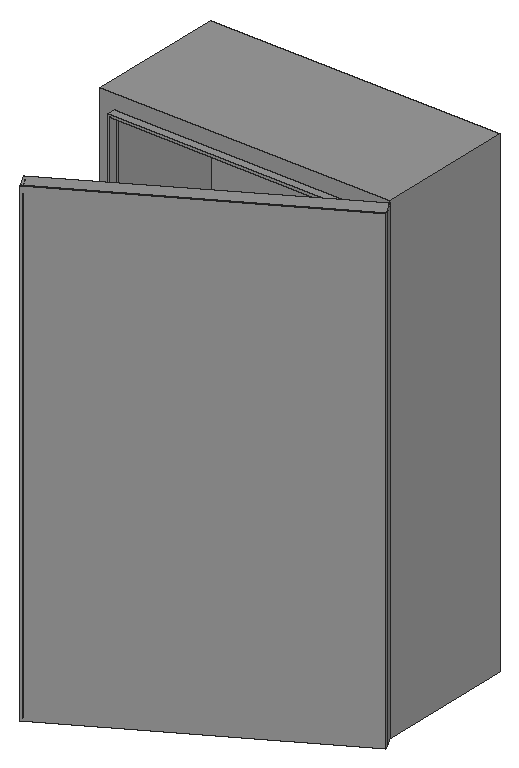
Revit family "Hager-Univers-IP44-D161-Cl.II-FWB-encl--NoHosted-NL-en", category Equipement électrique, Revit 2020
Family settings
  Configuration du panneau = Deux colonnes, circuits au sein
  Cote de connecteur circulaire = Utiliser le diamètre
  Type d'élément = Tableau de raccordement
  Basée sur le plan de construction = Oui
  Toujours verticalement = Oui
  Couper avec des vides une fois chargée = Non
  Partagée = Non
  Point de calcul de pièce = Non
Parameters (values of type "Surface mounted (plaster) IP44 W300 H500 D161  - FWQ31P")
  Width Control [instance] = if([EF000008 - Width] > Min Width, [EF000008 - Width], Min Width)  # 300 mm
  Commentaires du type = [HG000003 - Range]  # "Univers"
  Thickness Door [instance] = if([EF009171 - Material plate thickness door/cover] > 3 mm, 3 mm, [EF009171 - Material plate thickness door/cover])  # 2 mm
  Seal Frame Offset [instance] = 17 mm  # constant formula
  Plinth Visibility [instance] = [HG000027 - Plinth height] > 0 mm  # no
  Min Width [instance] = 100 mm  # constant formula
  Min Depth [instance] = (2 * [EF009170 - Material plate thickness cabinet]) + 1 mm  # 5 mm
  Min Height [instance] = 100 mm  # constant formula
  Internal Frame Depth [instance] = (Door System Depth * 0.5)  # 9 mm
  Panel Name [instance] = ""  # (empty or 0)
  Model = ""
  HG000027 - Plinth height = 0 mm
  HG000026 - Floor standing = no
  HG000024 - Bottom section height = 600 mm
  HG000023 - Double section enclosure = no
  HG000016 - Door 3d visibility [instance] = yes
  HG000015 - Clearance visibility [instance] = no
  HG000014 - Door on the right [instance] = yes
  HG000013 - Door on the left [instance] = not([HG000014 - Door on the right])  # no
  HG000012 - Door swing angle [instance] = 30.00°
  HG000010 - Asymmetric doors = no
  HG000009 - Double swing door = no
  HG000006 - Flush mounted = no
  HG000004 - Manufacturer reference = "FWQ31P"
  HG000003 - Range = "Univers"
  HG000002 - With door or cover = yes
  Frame Offset Bottom [instance] = 10 mm  # constant formula
  Frame Offset [instance] = 15 mm  # constant formula
  EF015940 - Cover with overpressure release = no
  EF011959 - Degree of protection (NEMA) = ""
  EF009554 - Number of openings for flange plates = 2
  EF009212 - Cover model = "EV009916 - With notch"
  EF009171 - Material plate thickness door/cover = 2 mm
  EF009170 - Material plate thickness cabinet = 2 mm
  EF008873 - Nominal current (In) = 125 A
  EF007800 - Suitable for lightning protection = no
  EF006306 - With lock = no
  EF006244 - Transparent cover/door = no
  EF005474 - Degree of protection (IP) = "EV006418 - IP44"
  EF004464 - Type of door = "EV002646 - Single"
  EF004427 - Number of modules = 36
  EF004293 - Impact strength = "EV006815 - IK09"
  EF003532 - Suitable for outdoor use = no
  EF002950 - Width in number of modular spacings = 12
  EF001613 - Circuit integrity = "EV000494 - None"
  EF001596 - Material housing = "EV000179 - Steel"
  EF001131 - Internal depth = 161 mm
  EF001088 - Extension possible = yes
  EF000437 - Number of conduit inlets = 4
  EF000339 - Type of cover = "EV001012 - Cover"
  EF000266 - Number of rows = 1
  EF000218 - Built-in depth = 0 mm
  EF000118 - With mounting plate = yes
  EF000116 - RAL-number = "9010"
  EF000049 - Depth = 161 mm
  EF000040 - Height = 500 mm
  EF000008 - Width = 300 mm
  EF000007 - Colour = "EV000202 - White"
  EF000003 - Mounting method = "EV000384 - Surface mounted (plaster)"
  Door System Leaf Tolerance [instance] = 1.5 mm  # constant formula
  Door System Depth [instance] = 18 mm  # constant formula
  Door Height [instance] = Height Control - [HG000027 - Plinth height]  # 500 mm
  Description = ""
  Default Elevation = 1219.2 mm
  Connector Offset [instance] = Height Control / 2  # 250 mm
  Fabricant = "Hager"  # constant formula
  Height Control [instance] = if([EF000040 - Height] > Min Height, [EF000040 - Height], Min Height)  # 500 mm
  Depth Control [instance] = if([EF000049 - Depth] > Min Depth, [EF000049 - Depth], Min Depth)  # 161 mm
  Bottom Top Plate Trim [instance] = 1.5 mm  # constant formula
  Plinth height Ctrl [instance] = if([HG000027 - Plinth height] > 0 mm, [HG000027 - Plinth height], 12 mm)  # 12 mm
Reference planes
  plane 1 "Center (Front/Back)": y = 0
  plane 2: z = 0
  plane 3 "Center (Left/Right)": x = 0
  plane 4: y = 0
  plane 5: y = 0
  plane 6: z = 0
  plane 7: x = -150
  plane 8: x = 150
  plane 9: x = 148
  plane 10: x = -148
  plane 11: z = 0
  plane 12: z = 2
  plane 13: y = -161
  plane 14: y = -2
  plane 15: x = 0
  plane 16: y = -143
  plane 17: y = -159
  plane 18: y = -141
  plane 19: x = -133
  plane 20: x = 133
  plane 21: z = 12
  plane 22: x = -133
  plane 23: x = 133
  plane 24: z = 0
  plane 25: z = 500
  plane 26: z = 500
  plane 27: z = 483
  plane 28: z = 498
Forms (mm)
  Extrusion 1, solid, material "Hager_Steel_RAL7035_Light_Grey", detail levels medium+fine
    sketch origin (-208.679, -4572, 0) x (-1, 0, 0) y (0, -1, 0)
      loop
        line (-58.679, -4429) -> (-358.679, -4429) -> (-358.679, -4572) -> (-58.679, -4572) -> (-58.679, -4429)
    from 0 to 500
  Extrusion 2, void
    sketch origin (-350.771, -161, 1219.2) x (1, 0, 0) y (0, 0, 1)
      loop
        line (202.771, -721.2) -> (202.771, -1217.2) -> (498.771, -1217.2) -> (498.771, -721.2) -> (202.771, -721.2)
    from -20 to -159
  Extrusion 3, void
    sketch origin (-290.084, -143, 1219.2) x (1, 0, 0) y (0, 0, 1)
      loop
        line (157.084, -1207.2) -> (423.084, -1207.2) -> (423.084, -736.2) -> (157.084, -736.2) -> (157.084, -1207.2)
    from 0 to -2
  Extrusion 4, solid, material "Hager_Steel_RAL7035_Light_Grey", visible <- "Plinth Visibility", detail levels medium+fine
    sketch origin (0, 0, 0) x (1, 0, 0) y (0, 1, 0)
      loop
        line (-150, 0) -> (-150, -143) -> (150, -143) -> (150, 0) -> (-150, 0)
    from 0 to 12 <- "Plinth height Ctrl"
  Extrusion 5, solid, material "Hager_Steel_RAL7035_Light_Grey", detail levels coarse
    sketch origin (0, 0, 0) x (1, 0, 0) y (0, 1, 0)
      loop
        line (-150, 0) -> (-150, -161) -> (150, -161) -> (150, 0) -> (-150, 0)
    from 0 to 500 <- "Height Control"
  Sweep 6, void
    path in 3D
      loop
        line (-150, -143, 12) -> (150, -143, 12) -> (150, 0, 12) -> (-150, 0, 12) -> (-150, -143, 12)
    profile origin (-150, -71.5, 12) x (1, 0, 0) y (0, 0, 1)
      loop
        line (0, 0) -> (0, -1.5) -> (1.5, -1.5)
        arc (1.5, -1.5) -> (1.061, -0.439) -> (0, 0) r 1.5
  Extrusion 7, solid, material "Hager_Steel_RAL7035_Light_Grey", detail levels fine
    sketch origin (-150, -143, 0) x (1, 0, 0) y (0, 0, 1)
      loop
        line (17, 12) -> (283, 12) -> (283, 483) -> (17, 483) -> (17, 12)
      loop
        line (15, 10) -> (285, 10) -> (285, 485) -> (15, 485) -> (15, 10)
    from 0 to 9 <- "Internal Frame Depth"
Cuts and joins
  Extrusion 2, Extrusion 3 cuts Extrusion 1
  Sweep 6 cuts Extrusion 4
Lines and regions (mm)
  Masking region 1
    outline origin (0, 0, 0) x (1, 0, 0) y (0, 1, 0)
      loop
        line (-150, 0) -> (-150, -161) -> (150, -161) -> (150, 0) -> (-150, 0)
  Masking region 2, detail levels coarse
    outline origin (-290.084, -143, 1219.2) x (-1, 0, 0) y (0, 0, 1)
      loop
        line (-440.084, -1219.2) -> (-140.084, -1219.2) -> (-140.084, -719.2) -> (-440.084, -719.2) -> (-440.084, -1219.2)
  Masking region 3, detail levels coarse
    outline origin (0, 0, 0) x (0, 1, 0) y (0, 0, 1)
      loop
        line (0, 0) -> (0, 500) -> (-161, 500) -> (-161, 0) -> (0, 0)
  Masking region 4, visible <- "Plinth Visibility", detail levels medium+fine
    outline origin (0, 0, 0) x (0, 1, 0) y (0, 0, 1)
      loop
        line (-1.5, 12) -> (-141.5, 12)
        arc (-141.5, 12) -> (-141.939, 10.939) -> (-143, 10.5) r 1.5
        line (-143, 10.5) -> (-143, 0) -> (0, 0) -> (0, 10.5)
        arc (0, 10.5) -> (-1.061, 10.939) -> (-1.5, 12) r 1.5
  Masking region 5, detail levels medium+fine
    outline origin (0, 0, 594.038) x (0, 1, 0) y (0, 0, 1)
      loop
        line (0, -594.038) -> (0, -94.038) -> (-143, -94.038) -> (-143, -594.038) -> (0, -594.038)
  Masking region 6, detail levels medium+fine
    outline origin (-359.7, -143, 1211.883) x (-1, 0, 0) y (0, 0, 1)
      loop
        line (-509.7, -1211.883) -> (-209.7, -1211.883) -> (-209.7, -711.883) -> (-509.7, -711.883) -> (-509.7, -1211.883)
  Masking region 7, visible <- "Plinth Visibility", detail levels medium+fine
    outline origin (-320.334, -143, 1041.368) x (-1, 0, 0) y (0, 0, 1)
      loop
        line (-470.334, -1041.368) -> (-170.334, -1041.368) -> (-170.334, -1030.868)
        arc (-170.334, -1030.868) -> (-171.394, -1030.429) -> (-171.834, -1029.368) r 1.5
        line (-171.834, -1029.368) -> (-468.834, -1029.368)
        arc (-468.834, -1029.368) -> (-469.273, -1030.429) -> (-470.334, -1030.868) r 1.5
        line (-470.334, -1030.868) -> (-470.334, -1041.368)
  sketch lines
    curve 1: line (-150, 0, 12) -> (-150, -143, 12)
    curve 2: line (-150, -143, 12) -> (150, -143, 12)
    curve 3: line (150, 0, 12) -> (-150, 0, 12)
    curve 4: line (150, -143, 12) -> (150, 0, 12)
Dimensions and locks
  locked: plane 1 "Center (Front/Back)" to plane 5
  "EF009170 - Material plate thickness cabinet": plane 7 to plane 10
  "EF009170 - Material plate thickness cabinet": plane 8 to plane 9
  equal spacing: plane 7, plane 3 "Center (Left/Right)", plane 8
  "Width Control": plane 7 to plane 8
  "Depth Control": plane 4 to plane 13
  "EF009170 - Material plate thickness cabinet": plane 4 to plane 14
  "Height Control": plane 25 to level
  "HG000027 - Plinth height": plane 11 to level
  "EF009170 - Material plate thickness cabinet": plane 12 to plane 11
  "EF009170 - Material plate thickness cabinet": plane 17 to plane 13
  "EF009170 - Material plate thickness cabinet": plane 18 to plane 16
  "Frame Offset Bottom": plane 21 to plane 12
  "Frame Offset": plane 10 to plane 19
  "Frame Offset": plane 9 to plane 20
  "Door System Depth": plane 16 to plane 13
  "Seal Frame Offset": plane 7 to plane 22
  "Seal Frame Offset": plane 8 to plane 23
  "EF009170 - Material plate thickness cabinet": plane 26 to plane 28
  "Frame Offset": plane 28 to plane 27
  "Connector Offset": plane 2 to connector elem
  "Bottom Top Plate Trim": profile plane to Sweep 6 sketch curve
  "Bottom Top Plate Trim": Sweep 6 sketch curve to Sweep 6 sketch curve
  "Plinth height Ctrl": Masking region 4 sketch curve to level
  "Plinth height Ctrl": Masking region 7 sketch curve to level
  "Thickness Door": Extrusion 7 sketch curve to Extrusion 7 sketch curve  (x4)
  "Bottom Top Plate Trim": radius of Sweep 6 sketch curve
  "Bottom Top Plate Trim": radius of Masking region 4 sketch curve  (x2)
  "Bottom Top Plate Trim": radius of Masking region 7 sketch curve  (x2)
  aligned and locked: plane 12 to Extrusion 2 sketch curve
  aligned and locked: Extrusion 2 sketch curve to plane 9
  aligned and locked: Extrusion 2 sketch curve to plane 10
  aligned and locked: plane 14 to Extrusion 2
  aligned and locked: plane 4 to Extrusion 1 sketch curve
  aligned and locked: plane 8 to Extrusion 1 sketch curve
  aligned and locked: plane 7 to Extrusion 1 sketch curve
  aligned and locked: Extrusion 2 to plane 18
  aligned and locked: plane 19 to Extrusion 3 sketch curve
  aligned and locked: plane 20 to Extrusion 3 sketch curve
  aligned and locked: Extrusion 3 to Extrusion 2
  aligned and locked: Extrusion 3 sketch curve to plane 21
  aligned and locked: plane 3 "Center (Left/Right)" to nested 1
  aligned and locked: Extrusion 1 sketch curve to plane 16
  aligned and locked: Extrusion 4 sketch curve to cut or joined group of Extrusion 1, Extrusion 2, Extrusion 3
  aligned and locked: Masking region 1 sketch curve to plane 7
  aligned and locked: Masking region 1 sketch curve to plane 5
  aligned and locked: Masking region 1 sketch curve to plane 8
  aligned and locked: Masking region 2 sketch curve to level
  aligned and locked: level to Masking region 3 sketch curve
  aligned and locked: plane 1 "Center (Front/Back)" to Masking region 3 sketch curve
  aligned and locked: plane 13 to Masking region 3 sketch curve
  aligned and locked: plane 5 to Masking region 4 sketch curve
  aligned and locked: Masking region 2 sketch curve to plane 8
  aligned and locked: Masking region 2 sketch curve to plane 7
  aligned and locked: plane 7 to nested 2
  aligned and locked: nested 2 to plane 5
  aligned and locked: plane 5 to Masking region 5 sketch curve
  aligned and locked: plane 26 to Masking region 5 sketch curve
  aligned and locked: Extrusion 5 sketch curve to plane 8
  aligned and locked: Extrusion 5 sketch curve to plane 7
  aligned and locked: Extrusion 5 sketch curve to plane 5
  aligned and locked: plane 27 to Extrusion 3 sketch curve
  aligned and locked: Extrusion 2 sketch curve to plane 28
  aligned and locked: Masking region 2 to plane 25
  aligned and locked: Extrusion 4 to plane 16
  aligned and locked: profile plane to Sweep 6 sketch curve
  aligned and locked: Masking region 5 sketch curve to plane 24
  aligned and locked: level to Masking region 4 sketch curve
  aligned and locked: Masking region 1 to plane 13
  aligned and locked: nested 1 to plane 16
  aligned and locked: Masking region 3 to plane 25
  aligned and locked: plane 16 to Masking region 4 sketch curve
  aligned and locked: Masking region 5 sketch curve to plane 16
  aligned and locked: plane 24 to plane 11
  aligned and locked: plane 26 to plane 25
  aligned and locked: plane 26 to cut or joined group of Extrusion 1, Extrusion 2, Extrusion 3
  aligned and locked: nested 1 to plane 24
  aligned and locked: Extrusion 1 to Extrusion 3
  aligned and locked: Masking region 6 sketch curve to plane 8
  aligned and locked: plane 24 to Masking region 6 sketch curve
  aligned and locked: Masking region 6 sketch curve to plane 7
  aligned and locked: Masking region 6 sketch curve to plane 26
  aligned and locked: Masking region 7 sketch curve to plane 7
  aligned and locked: level to Masking region 7 sketch curve
  aligned and locked: Masking region 7 sketch curve to plane 8
  aligned and locked: Extrusion 7 sketch curve to cut or joined group of Extrusion 1, Extrusion 2, Extrusion 3  (x4)
Automatic sketch dimensions
  plane 19 to Extrusion 3 sketch curve = 0 mm
  Extrusion 3 sketch curve to plane 20 = 0 mm
  Extrusion 3 sketch curve to plane 21 = 0 mm
  Extrusion 4 sketch curve to plane 7 = 0 mm
  Extrusion 4 sketch curve to plane 8 = 0 mm
  Extrusion 4 sketch curve to plane 16 = 0 mm
  Masking region 1 sketch curve to plane 13 = 0 mm
  Masking region 2 sketch curve to plane 25 = 0 mm
  Masking region 3 sketch curve to plane 25 = 0 mm
  Extrusion 5 sketch curve to plane 13 = 0 mm
  profile plane to Sweep 6 sketch curve = 0 mm
Nested families
  nested 1: "EC000058_Univers_Door" at (0, -143, 0), Double <- "HG000009 - Double swing door", Transparent <- "EF006244 - Transparent cover/door", Angle <- "HG000012 - Door swing angle", Door_Right <- "HG000014 - Door on the right", Assymetrical <- "HG000010 - Asymmetric doors", Door <- "HG000002 - With door or cover", Width_Ctrl <- "Width Control", 3d_Door <- "HG000016 - Door 3d visibility", Clearance <- "HG000015 - Clearance visibility", Door_Left <- "HG000013 - Door on the left", Width <- "Width Control", Door_Depth <- "Door System Depth", Leaf_Tolerance <- "Door System Leaf Tolerance", Height <- "Door Height", Lock_Visibility <- "EF006306 - With lock", Thickness <- "Thickness Door", type "EC000058_Univers_Door", detail levels medium+fine
    with min_wh 5 mm, Width_Ctrl 300 mm, Width 300 mm, Transparent no, Thickness 2 mm, Seal_Material Hager_Rubber, Lock_Visibility no, Lock_Material Hager_Plastic_RAL9005_Jet_Black, Leaf_Width 300 mm, Leaf_Tolerance_External_Sides 0 mm, Leaf_Tolerance 1.5 mm, Leaf_Offset 0 mm, Leaf_Height 497 mm, Leaf_2_Width 300 mm, Leaf_2_Offset 150 mm, Leaf_1_Width 300 mm, Leaf_1_Offset 150 mm, Height_Ctrl 500 mm, Height 500 mm, Glass_Material Hager_Glass, Double_Clearance_Ctrl no, Double no, Door_Right_Ctrl yes, Door_Right yes, Door_Material Hager_Steel_RAL7035_Light_Grey, Door_Left_Ctrl no, Door_Left no, Door_Depth 18 mm, Door yes, Clearance_Material Hager_Clearance, Clearance_Depth 300 mm, Clearance_Ctrl no, Clearance no, Assymetrical no, Angle 30.00°, 3d_Door yes
  nested 2: "Hager_Enclosure_Symbol" at (-150, 0, 0), Height <- "Depth Control", Width <- "Width Control", type "Hager_Enclosure_Symbol"
    with Width_Ctrl 300 mm, Width 300 mm, Height_Ctrl 161 mm, Height 161 mm, A_Width_Int 10.566 mm, A_Width 126.788 mm, A_Height_Ctrl 140.875 mm, A_Height 140.875 mm
Connectors
  electrical at (0, 0, 250)
    settings: on plane 1 "Center (Front/Back)", index 1, voltage 0 V, apparent load 0 VA, apparent load phase1 0 VA, apparent load phase2 0 VA, apparent load phase3 0 VA, power factor 1, load classification "Other", number of poles 1, system type 30, power factor state 1, is connector primary yes, connector utility no, sub classification motor no, connector description ""
Definition of nested family "EC000058_Univers_Door"
  Parameters (values of type "EC000058_Univers_Door")
    min_wh [instance] = (2 * Thickness) + 1 mm  # 11 mm
    Width_Ctrl [instance] = 400 mm
    Width [instance] = 500 mm
    Transparent [instance] = yes
    Thickness [instance] = 5 mm
    Seal_Material [instance] = none
    Lock_Visibility [instance] = yes
    Lock_Material [instance] = none
    Leaf_Width [instance] = if((Width_Ctrl - 2 * Leaf_Tolerance_External_Sides) > 0 mm, (Width_Ctrl - 2 * Leaf_Tolerance_External_Sides), min_wh)  # 400 mm
    Leaf_Tolerance_External_Sides [instance] = 0 mm  # constant formula
    Leaf_Tolerance [instance] = 1.5 mm
    Leaf_Offset [instance] = 0 mm  # constant formula
    Leaf_Height [instance] = if((Height_Ctrl - 2 * Leaf_Tolerance) > 0 mm, (Height_Ctrl - 2 * Leaf_Tolerance), min_wh)  # 497 mm
    Leaf_2_Width [instance] = if(and(and(Double, Assymetrical), Door_Left), (Leaf_Width / 3) - (Leaf_Tolerance / 2), if(and(and(Double, Assymetrical), Door_Right), (Leaf_Width / 3) * 2 - (Leaf_Tolerance / 2), if(and(Double, not(Assymetrical)), (Leaf_Width / 2) - Leaf_Tolerance, Leaf_Width)))  # 400 mm
    Leaf_2_Offset [instance] = if(and(Double, Assymetrical), Leaf_2_Width / 2, if(and(Double, not(Assymetrical)), Leaf_Width / 4, Leaf_Width / 2))  # 200 mm
    Leaf_1_Width [instance] = if(and(and(Double, Assymetrical), Door_Right), (Leaf_Width / 3) - (Leaf_Tolerance / 2), if(and(and(Double, Assymetrical), Door_Left), (Width / 3) * 2 - (Leaf_Tolerance / 2), if(and(Double, not(Assymetrical)), (Leaf_Width / 2) - Leaf_Tolerance, Leaf_Width)))  # 400 mm
    Leaf_1_Offset [instance] = if(and(Double, Assymetrical), Leaf_1_Width / 2, if(and(Double, not(Assymetrical)), Leaf_Width / 4, Leaf_Width / 2))  # 200 mm
    Height_Ctrl [instance] = if(Height > min_wh, Height, min_wh)  # 500 mm
    Height [instance] = 500 mm
    Glass_Material [instance] = none
    Double_Clearance_Ctrl [instance] = and(Double, Clearance)  # no
    Double [instance] = no
    Door_Right_Ctrl [instance] = and(or(Door_Right, Double), Door)  # yes
    Door_Right [instance] = yes
    Door_Material [instance] = none
    Door_Left_Ctrl [instance] = and(or(Door_Left, Double), Door)  # no
    Door_Left [instance] = no
    Door_Depth [instance] = 30 mm
    Door [instance] = yes
    Default Elevation = 1219.2 mm
    Clearance_Material [instance] = none
    Clearance_Depth [instance] = if(Leaf_1_Width > Leaf_2_Width, Leaf_1_Width, Leaf_2_Width)  # 400 mm
    Clearance_Ctrl [instance] = and(not(Double), Clearance)  # yes
    Clearance [instance] = yes
    Assymetrical [instance] = yes
    Angle [instance] = 30.00°
    3d_Door [instance] = yes
  Reference planes
    plane 1 "Center (Front/Back)": y = 0
    plane 2 "Bottom": z = 0
    plane 3 "Center (Left/Right)": x = 0
    plane 4: z = 500
    plane 5: x = -200
    plane 6: x = 200
    plane 7: z = 500
    plane 8: x = -200
    plane 9: z = 0
    plane 10: x = 200
    plane 11: y = 0
    plane 12: z = 1.5
    plane 13: x = -600
    plane 14: y = -400
    plane 15: x = 600
    plane 16: x = 0
    plane 17: x = 0
    plane 18: x = -200
    plane 19: x = 200
    plane 20: z = 498.5
  Forms (mm)
    Extrusion 1, solid, material <- "Clearance_Material", visible <- "Double_Clearance_Ctrl"
      sketch origin (1200, 0, 0) x (1, 0, 0) y (0, 0, -1)
        loop
          line (-1800, -498.5) -> (-600, -498.5) -> (-600, 0) -> (-1800, 0) -> (-1800, -498.5)
      from 0 to -400
  Dimensions and locks
    equal spacing: plane 5, plane 3 "Center (Left/Right)", plane 6
    "Width_Ctrl": plane 5 to plane 6
    "Leaf_Offset": plane 5 to plane 8
    "Leaf_Offset": plane 6 to plane 10
    "Leaf_Offset": plane 9 to level
    "Leaf_Offset": plane 4 to plane 7
    "Height_Ctrl": plane 4 to level
    "Leaf_Tolerance": plane 12 to plane 9
    locked: plane 11 to plane 1 "Center (Front/Back)"
    "Leaf_1_Offset": plane 18 to plane 16
    "Leaf_2_Offset": plane 17 to plane 19
    "Leaf_1_Width": plane 13 to plane 8
    "Leaf_2_Width": plane 10 to plane 15
    "Clearance_Depth": plane 14 to plane 1 "Center (Front/Back)"
    "Leaf_Tolerance_External_Sides": plane 8 to plane 18
    "Leaf_Tolerance_External_Sides": plane 19 to plane 10
    "Leaf_Tolerance": plane 7 to plane 20
    aligned and locked: level to plane 2 "Bottom"
    aligned and locked: nested 1 to plane 16
    aligned and locked: nested 2 to plane 17
    aligned and locked: Extrusion 1 to plane 13
    aligned and locked: plane 15 to Extrusion 1
    aligned and locked: Extrusion 1 to plane 14
    aligned and locked: plane 12 to nested 1
    aligned and locked: nested 2 to plane 12
    aligned and locked: Extrusion 1 to plane 11
    aligned and locked: plane 20 to Extrusion 1
    aligned and locked: nested 2 to plane 11
    aligned and locked: nested 1 to plane 11
  Automatic sketch dimensions
    Extrusion 1 sketch curve to level = 0 mm
    plane 5 to Extrusion 1 sketch curve = 400 mm
    plane 6 to Extrusion 1 sketch curve = 400 mm
    Extrusion 1 sketch curve to plane 4 = 1.5 mm
  Nested families
    nested 1: "EC000058_Univers_Door_Leaf" at (0, 0, 1.5), Width <- "Leaf_1_Width", visible <- "Door_Left_Ctrl", Leaf_Height <- "Leaf_Height", Angle <- "Angle", 3d_Door <- "3d_Door", Transparent <- "Transparent", Clearance Material <- "Clearance_Material", Clearance <- "Clearance_Ctrl", Door_Material <- "Door_Material", Glass_Material <- "Glass_Material", Door_Depth <- "Door_Depth", Lock_Material <- "Lock_Material", Seal_Material <- "Seal_Material", Lock_Visibility <- "Lock_Visibility", Thickness <- "Thickness", type "EC000058_Univers_Door_Leaf"
      with Width 400 mm, Transparent_Glass_Offset 30 mm, Transparent_Ctrl yes, Transparent yes, Thickness 5 mm, Standard no, Seal_Material none, Seal_D2 8 mm, Seal_D1 1 mm, Offset_Internal_Frame 10 mm, Lock_Width 20 mm, Lock_Visibility_3d yes, Lock_Visibility yes, Lock_Thickness_3 3 mm, Lock_Thickness_2 1 mm, Lock_Thickness_1 3 mm, Lock_Radius_Offset_2 16 mm, Lock_Radius_Offset_1 15 mm, Lock_Radius_2 5 mm, Lock_Radius 6 mm, Lock_Offset 5 mm, Lock_Material none, Lock_Height 80 mm, Lock_Cover_Top_Offset_2d 17 mm, Lock_Cover_Height -65 mm, Leaf_Height 497 mm, Internal_Seal_Thickness 8 mm, Internal_Seal_Depth_2 4.5 mm, Internal_Frame_Depth 25 mm, Glass_Thickness -1 mm, Glass_Offset -2 mm, Glass_Material none, Door_Material none, Door_Depth 30 mm, Clearance Material none, Clearance yes, Angle_Ctrl 30.00°, Angle 30.00°, 3d_Door yes
    nested 2: "EC000058_Univers_Door_Leaf" at (0, 0, 1.5) x (-1, 0, 0) z (0, 0, 1), Width <- "Leaf_2_Width", visible <- "Door_Right_Ctrl", Leaf_Height <- "Leaf_Height", Angle <- "Angle", 3d_Door <- "3d_Door", Transparent <- "Transparent", Clearance Material <- "Clearance_Material", Clearance <- "Clearance_Ctrl", Door_Material <- "Door_Material", Glass_Material <- "Glass_Material", Door_Depth <- "Door_Depth", Lock_Material <- "Lock_Material", Seal_Material <- "Seal_Material", Lock_Visibility <- "Lock_Visibility", Thickness <- "Thickness", type "EC000058_Univers_Door_Leaf"
      with Width 400 mm, Transparent_Glass_Offset 30 mm, Transparent_Ctrl yes, Transparent yes, Thickness 5 mm, Standard no, Seal_Material none, Seal_D2 8 mm, Seal_D1 1 mm, Offset_Internal_Frame 10 mm, Lock_Width 20 mm, Lock_Visibility_3d yes, Lock_Visibility yes, Lock_Thickness_3 3 mm, Lock_Thickness_2 1 mm, Lock_Thickness_1 3 mm, Lock_Radius_Offset_2 16 mm, Lock_Radius_Offset_1 15 mm, Lock_Radius_2 5 mm, Lock_Radius 6 mm, Lock_Offset 5 mm, Lock_Material none, Lock_Height 80 mm, Lock_Cover_Top_Offset_2d 17 mm, Lock_Cover_Height -65 mm, Leaf_Height 497 mm, Internal_Seal_Thickness 8 mm, Internal_Seal_Depth_2 4.5 mm, Internal_Frame_Depth 25 mm, Glass_Thickness -1 mm, Glass_Offset -2 mm, Glass_Material none, Door_Material none, Door_Depth 30 mm, Clearance Material none, Clearance yes, Angle_Ctrl 30.00°, Angle 30.00°, 3d_Door yes
  Definition of nested family "EC000058_Univers_Door_Leaf"
    Parameters (values of type "EC000058_Univers_Door_Leaf")
      Width [instance] = 2000 mm
      Transparent_Glass_Offset [instance] = 30 mm
      Transparent_Ctrl [instance] = and(Transparent, [3d_Door])  # yes
      Transparent [instance] = yes
      Thickness [instance] = 5 mm
      Standard [instance] = and(not(Transparent), [3d_Door])  # no
      Seal_Material [instance] = none
      Seal_D2 [instance] = 8 mm  # constant formula
      Seal_D1 [instance] = 1 mm  # constant formula
      Offset_Internal_Frame [instance] = 10 mm  # constant formula
      Lock_Width [instance] = 20 mm  # constant formula
      Lock_Visibility_3d [instance] = and(Lock_Visibility, [3d_Door])  # yes
      Lock_Visibility [instance] = yes
      Lock_Thickness_3 [instance] = 3 mm  # constant formula
      Lock_Thickness_2 [instance] = 1 mm  # constant formula
      Lock_Thickness_1 [instance] = 3 mm  # constant formula
      Lock_Radius_Offset_2 [instance] = Lock_Radius_Offset_1 + 1 mm  # 16 mm
      Lock_Radius_Offset_1 [instance] = 15 mm  # constant formula
      Lock_Radius_2 [instance] = Lock_Radius - 1 mm  # 5 mm
      Lock_Radius [instance] = 6 mm  # constant formula
      Lock_Offset [instance] = 5 mm  # constant formula
      Lock_Material [instance] = none
      Lock_Height [instance] = 80 mm  # constant formula
      Lock_Cover_Top_Offset_2d [instance] = Lock_Radius_Offset_2 + 1 mm  # 17 mm
      Lock_Cover_Height [instance] = -(Lock_Height - Lock_Radius_Offset_1)  # -65 mm
      Leaf_Height [instance] = 2720.336 mm
      Internal_Seal_Thickness [instance] = 8 mm  # constant formula
      Internal_Seal_Depth_2 [instance] = 4.5 mm  # constant formula
      Internal_Frame_Depth [instance] = if(Door_Depth - Thickness > 5 mm, Door_Depth - Thickness, 5 mm)  # 25 mm
      Glass_Thickness [instance] = if(Thickness > 15 mm, Glass_Offset + 10 mm, -1 mm)  # -1 mm
      Glass_Offset [instance] = if(Thickness > 15 mm, -(Thickness + 10 mm) / 2, -2 mm)  # -2 mm
      Glass_Material [instance] = none
      Door_Material [instance] = none
      Door_Depth [instance] = 30 mm
      Default Elevation = 0 mm
      Clearance Material [instance] = none
      Clearance [instance] = yes
      Angle_Ctrl [instance] = if(Angle > 180.00°, 180.00°, Angle)  # 90.00°
      Angle [instance] = 90.00°
      3d_Door [instance] = yes
    Reference planes
      plane 1 "Center (Front/Back)": y = 0
      plane 2: z = 0
      plane 3 "Center (Left/Right)": x = 0
      plane 4: y = 2000
      plane 5: x = -1000
      plane 6: x = 1000
      plane 7: x = -3000
      plane 8: z = 2720.336
      plane 9: z = 30
      plane 10: z = 2690.336
      plane 11: x = 970
      plane 12: x = -970
      plane 13: y = -3
      plane 14: z = 107.833
      plane 15: y = -5
      plane 16: y = -223.314
      plane 17: x = -1000
      plane 18: z = 1360.168
      plane 19: y = 30
    Forms (mm)
      Extrusion 1, solid, material <- "Clearance Material", visible <- "Clearance"
        sketch origin (0, 0, 0) x (1, 0, 0) y (0, 0, 1)
          loop
            line (-3000, 2720.336) -> (-3000, 0) -> (1000, 0) -> (1000, 2720.336) -> (-3000, 2720.336)
        from 0 to -2000
      Extrusion 2, solid, material <- "Door_Material", visible <- "Standard", detail levels medium+fine
        sketch origin (-1000, 0, 0) x (0, 1, 0) y (-1, 0, 0)
          loop
            line (0, 30) -> (0, 25) -> (2000, 25) -> (2000, 30) -> (0, 30)
        from 0 to 2720.336 <- "Leaf_Height"
      Extrusion 3, solid, material <- "Door_Material", visible <- "Transparent_Ctrl", detail levels medium+fine
        sketch origin (-1000, 0, 0) x (0, 1, 0) y (-1, 0, 0)
          loop
            line (0, 25) -> (2000, 25) -> (2000, 30) -> (0, 30) -> (0, 25)
        from 0 to 2720.336 <- "Leaf_Height"
      Extrusion 4, void
        sketch origin (-1025, 2000, 0) x (0, 1, 0) y (0, 0, -1)
          loop
            line (-30, -2690.336) -> (-30, -30) -> (-1970, -30) -> (-1970, -2690.336) -> (-30, -2690.336)
        from 0 to 5 <- "Thickness"
      Sweep 5, solid, material <- "Seal_Material", visible <- "Transparent_Ctrl", detail levels fine
        path in 3D
          loop
            line (-1025, 30, 30) -> (-1025, 30, 2690.336) -> (-1025, 1970, 2690.336) -> (-1025, 1970, 30) -> (-1025, 30, 30)
        profile origin (-1025, 1000, 30) x (1, 0, 0) y (0, 0, 1)
          loop
            line (0, 0) -> (0, -8) -> (1, -8) -> (1, 0) -> (0, 0)
      Extrusion 6, solid, material <- "Glass_Material", visible <- "Transparent_Ctrl", detail levels medium+fine
        sketch origin (-1030, 0, 0) x (0, 1, 0) y (0, 0, -1)
          loop
            line (1970, -2690.336) -> (1970, -30) -> (30, -30) -> (30, -2690.336) -> (1970, -2690.336)
        from -2 <- "Glass_Offset" to -1 <- "Glass_Thickness"
      Extrusion 7, solid, material <- "Door_Material", visible <- "3d_Door", detail levels medium+fine
        sketch origin (-1025, 2000, 0) x (0, -1, 0) y (0, 0, -1)
          loop
            line (0, -2720.336) -> (2000, -2720.336) -> (2000, 0) -> (0, 0) -> (0, -2720.336)
          loop
            line (1995, -5) -> (5, -5) -> (5, -2715.336) -> (1995, -2715.336) -> (1995, -5)
        from 0 to 25 <- "Internal_Frame_Depth"
      Sweep 8, solid, material <- "Seal_Material", visible <- "Transparent_Ctrl", detail levels fine
        path in 3D
          loop
            line (-1025, 0, 0) -> (-1025, 2000, 0) -> (-1025, 2000, 2720.336) -> (-1025, 0, 2720.336) -> (-1025, 0, 0)
        profile origin (-1025, 0, 1360.168) x (1, 0, 0) y (0, 1, 0)
          loop
            line (0, 10) -> (2.975, 10)
            arc (2.975, 10) -> (4.053, 10.447) -> (4.5, 11.525) r 1.525
            line (4.5, 11.525) -> (4.5, 16.527)
            arc (4.5, 16.527) -> (4.069, 17.569) -> (3.027, 18) r 1.473
            line (3.027, 18) -> (0, 18) -> (0, 10)
      Extrusion 9, solid, material <- "Lock_Material", visible <- "Lock_Visibility_3d", detail levels fine
        sketch origin (-1030, 0, 0) x (0, 1, 0) y (0, 0, -1)
          loop
            arc (1993.5, -1400.168) -> (1994.561, -1399.729) -> (1995, -1398.668) r 1.5
            line (1995, -1398.668) -> (1995, -1320.168) -> (1975, -1320.168) -> (1975, -1398.668)
            arc (1975, -1398.668) -> (1975.439, -1399.729) -> (1976.5, -1400.168) r 1.5
            line (1976.5, -1400.168) -> (1993.5, -1400.168)
        from 3 <- "Lock_Thickness_1" to 0
      Blend 10, solid, material <- "Lock_Material", visible <- "Lock_Visibility_3d", detail levels fine
        base sketch origin (-1033, 0, 0) x (0, 1, 0) y (0, 0, -1)
          loop
            line (1975, -1320.168) -> (1975, -1398.668)
            arc (1975, -1398.668) -> (1975.439, -1399.729) -> (1976.5, -1400.168) r 1.5
            line (1976.5, -1400.168) -> (1993.5, -1400.168)
            arc (1993.5, -1400.168) -> (1994.561, -1399.729) -> (1995, -1398.668) r 1.5
            line (1995, -1398.668) -> (1995, -1320.168) -> (1975, -1320.168)
        top sketch origin (-1033, 0, 0) x (0, 1, 0) y (0, 0, -1)
          loop
            line (1976, -1320.168) -> (1976, -1398.668)
            arc (1976, -1398.668) -> (1976.146, -1399.022) -> (1976.5, -1399.168) r 0.5
            line (1976.5, -1399.168) -> (1993.5, -1399.168)
            arc (1993.5, -1399.168) -> (1993.854, -1399.022) -> (1994, -1398.668) r 0.5
            line (1994, -1398.668) -> (1994, -1320.168) -> (1976, -1320.168)
        from 0 to 1 <- "Lock_Thickness_2"
      Blend 11, solid, material <- "Lock_Material", visible <- "Lock_Visibility_3d", detail levels fine
        base sketch origin (-1034, 0, 0) x (0, 1, 0) y (0, 0, -1)
          loop
            line (1978, -1320.168) -> (1978, -1384.168)
            arc (1978, -1384.168) -> (1985, -1391.168) -> (1992, -1384.168) r 7
            line (1992, -1384.168) -> (1992, -1320.168) -> (1978, -1320.168)
        top sketch origin (-1034, 0, 0) x (0, 1, 0) y (0, 0, -1)
          loop
            line (1991, -1320.168) -> (1979, -1320.168) -> (1979, -1383.168)
            arc (1979, -1383.168) -> (1985, -1389.168) -> (1991, -1383.168) r 6
            line (1991, -1383.168) -> (1991, -1320.168)
        from 0 to 3 <- "Lock_Thickness_3"
      Extrusion 12, solid, material <- "Lock_Material", visible <- "Lock_Visibility_3d", detail levels fine
        sketch origin (-1030, 1975, 1320.168) x (1, 0, 0) y (0, -1, 0)
          loop
            line (-7, -19) -> (-7, -1) -> (0, -1) -> (0, 0) -> (-8, 0) -> (-8, -20) -> (0, -20) -> (0, -19) -> (-7, -19)
        from 0 to -65 <- "Lock_Cover_Height"
      Extrusion 13, void
        sketch origin (-1038, 1995, 1320.168) x (-1, 0, 0) y (0, 0, -1)
          loop
            line (-5, -65) -> (0, -65) -> (-5, -60) -> (-5, -65)
        from 0 to 20 <- "Lock_Width"
      Extrusion 14, void
        sketch origin (-1038, 1975, 1320.168) x (0, -1, 0) y (0, 0, -1)
          loop
            circle (-10, -15.995) r 6
          loop
            circle (-10, -15.995) r 5
        from 0 to 2
      Extrusion 15, solid, material <- "Lock_Material", visible <- "Lock_Visibility_3d", detail levels medium
        sketch origin (-1030, 0, 0) x (0, 1, 0) y (0, 0, -1)
          loop
            arc (1993.5, -1400.168) -> (1994.561, -1399.729) -> (1995, -1398.668) r 1.5
            line (1995, -1398.668) -> (1995, -1320.168) -> (1975, -1320.168) -> (1975, -1398.668)
            arc (1975, -1398.668) -> (1975.439, -1399.729) -> (1976.5, -1400.168) r 1.5
            line (1976.5, -1400.168) -> (1993.5, -1400.168)
        from 8 to 0
    Cuts and joins
      Extrusion 4 cuts Extrusion 3
      Extrusion 13, Extrusion 14 cuts Extrusion 9
      Extrusion 14 cuts Blend 11
      Extrusion 13, Extrusion 14 cuts Extrusion 12
      joined: Extrusion 9, Blend 10, Blend 11, Extrusion 12
      Extrusion 14 cuts Extrusion 15
    Lines and regions (mm)
      Masking region 1, visible <- "Lock_Visibility", detail levels fine
        outline origin (0, 0, 0) x (0, 1, 0) y (0, 0, 1)
          loop
            line (30, 1320.168) -> (33, 1320.168) -> (33, 1400.168) -> (30, 1400.168) -> (30, 1320.168)
      Masking region 2, visible <- "Lock_Visibility", detail levels fine
        outline origin (0, 3.143, 0) x (0, 1, 0) y (0, 0, 1)
          loop
            line (29.857, 1354.168) -> (30.857, 1354.168) -> (30.857, 1366.168) -> (29.857, 1366.168) -> (29.857, 1354.168)
      Masking region 3, detail levels medium+fine
        outline origin (0, 0, 0) x (0, 1, 0) y (0, 0, 1)
          loop
            line (0, 0) -> (30, 0) -> (30, 2720.336) -> (0, 2720.336) -> (0, 0)
      Masking region 4, detail levels medium+fine
        outline origin (0, 0, 0) x (1, 0, 0) y (0, 0, 1)
          loop
            line (-1000, 2720.336) -> (-1000, 0) -> (1000, 0) -> (1000, 2720.336) -> (-1000, 2720.336)
      Masking region 5, visible <- "Lock_Visibility", detail levels fine
        outline origin (-47.116, 0, 0) x (1, 0, 0) y (0, 0, 1)
          loop
            arc (1024.616, 1399.168) -> (1023.556, 1398.729) -> (1023.116, 1397.668) r 1.5
            line (1023.116, 1397.668) -> (1023.116, 1320.168) -> (1041.116, 1320.168) -> (1041.116, 1397.668)
            arc (1041.116, 1397.668) -> (1040.677, 1398.729) -> (1039.616, 1399.168) r 1.5
            line (1039.616, 1399.168) -> (1024.616, 1399.168)
      Masking region 6, visible <- "Lock_Visibility", detail levels medium+fine
        outline origin (-25, 0, 0) x (1, 0, 0) y (0, 0, 1)
          loop
            arc (1001.5, 1400.168) -> (1000.439, 1399.729) -> (1000, 1398.668) r 1.5
            line (1000, 1398.668) -> (1000, 1320.168) -> (1020, 1320.168) -> (1020, 1398.668)
            arc (1020, 1398.668) -> (1019.561, 1399.729) -> (1018.5, 1400.168) r 1.5
            line (1018.5, 1400.168) -> (1001.5, 1400.168)
      Masking region 7, visible <- "Lock_Visibility", detail levels fine
        outline origin (-73.735, 0, 0) x (1, 0, 0) y (0, 0, 1)
          loop
            line (1051.735, 1382.168) -> (1065.735, 1382.168) -> (1065.735, 1384.168)
            arc (1065.735, 1384.168) -> (1058.735, 1391.168) -> (1051.735, 1384.168) r 7
            line (1051.735, 1384.168) -> (1051.735, 1382.168)
      Masking region 8, visible <- "Lock_Visibility", detail levels fine
        outline origin (-73.735, 0, 0) x (1, 0, 0) y (0, 0, 1)
          loop
            line (1052.735, 1382.168) -> (1064.735, 1382.168) -> (1064.735, 1383.168)
            arc (1064.735, 1383.168) -> (1058.735, 1389.168) -> (1052.735, 1383.168) r 6
            line (1052.735, 1383.168) -> (1052.735, 1382.168)
      Masking region 9, visible <- "Lock_Visibility", detail levels fine
        outline origin (-25, 0, 0) x (1, 0, 0) y (0, 0, 1)
          loop
            line (1020, 1320.168) -> (1020, 1382.168) -> (1000, 1382.168) -> (1000, 1320.168) -> (1020, 1320.168)
      Masking region 10, detail levels medium+fine
        outline origin (0, 0, 0) x (1, 0, 0) y (0, 0, 1)
          loop
            circle (985, 1335.144) r 6
      Masking region 11, detail levels fine
        outline origin (0, 0, 0) x (1, 0, 0) y (0, 0, 1)
          loop
            circle (985, 1335.144) r 5
      Masking region 12, visible <- "Lock_Visibility", detail levels fine
        outline origin (0, 12.767, 0) x (0, 1, 0) y (0, 0, 1)
          loop
            line (20.233, 1320.168) -> (21.233, 1320.168) -> (21.233, 1399.168) -> (20.233, 1400.168) -> (20.233, 1320.168)
      Masking region 13, visible <- "Lock_Visibility", detail levels fine
        outline origin (0, 13.767, -10) x (0, 1, 0) y (0, 0, 1)
          loop
            line (20.233, 1330.168) -> (23.233, 1330.168) -> (23.233, 1399.168) -> (20.233, 1402.168) -> (20.233, 1330.168)
      Masking region 14, visible <- "Lock_Visibility", detail levels fine
        outline origin (0, 12.767, -10) x (0, 1, 0) y (0, 0, 1)
          loop
            line (20.233, 1330.168) -> (25.233, 1330.168) -> (25.233, 1399.305) -> (20.233, 1394.305) -> (20.233, 1330.168)
      Masking region 15, visible <- "Lock_Visibility", detail levels medium
        outline origin (0, 0, 0) x (0, 1, 0) y (0, 0, 1)
          loop
            line (30, 1320.168) -> (38, 1320.168) -> (38, 1400.168) -> (30, 1400.168) -> (30, 1320.168)
      Masking region 16, visible <- "Lock_Visibility", detail levels fine
        outline origin (-1000, 0, 0) x (0, 1, 0) y (-1, 0, 0)
          loop
            line (1975, 30) -> (1995, 30) -> (1995, 38) -> (1975, 38) -> (1975, 30)
          loop
            line (1979, 37) -> (1976, 37) -> (1976, 34) -> (1978, 34) -> (1979, 37)
          loop
            line (1994, 37) -> (1991, 37) -> (1992, 34) -> (1994, 34) -> (1994, 37)
      Masking region 17, visible <- "Lock_Visibility", detail levels medium
        outline origin (-1000, 0, 0) x (0, 1, 0) y (-1, 0, 0)
          loop
            line (1975, 30) -> (1995, 30) -> (1995, 38) -> (1975, 38) -> (1975, 30)
      symbolic lines
        curve 1: line (1000, 0, 0) -> (-3000, 0, 0)
        curve 2: arc (1000, 0, 0) -> (-1000, 2000, 0) -> (-3000, 0, 0) r 2000
        curve 4: line (-1030, 0, 0) -> (-1030, 2000, 0)
      reference lines
        curve 3: line (-1000, 0, 0) -> (-1000, 2000, 0)
      symbolic lines, detail levels medium+fine
        curve 5: line (-1030, 2000, 0) -> (-1025, 2000, 0)
        curve 7: line (-1025, 0, 0) -> (-1030, 0, 0)
        curve 8: line (-1025, 0, 0) -> (-1000, 0, 0)
        curve 9: line (-1000, 0, 0) -> (-1000, 2000, 0)
        curve 10: line (-1000, 2000, 0) -> (-1025, 2000, 0)
      symbolic lines, detail levels fine
        curve 6: line (-1025, 2000, 0) -> (-1025, 0, 0)
      sketch lines
        curve 11: line (-1025, 0, 2720.336) -> (-1025, 0, 0)
        curve 12: line (-1025, 2000, 0) -> (-1025, 0, 0)
        curve 13: line (-1025, 2000, 2720.336) -> (-1025, 2000, 0)
        curve 14: line (-1025, 0, 2720.336) -> (-1025, 2000, 2720.336)
        curve 15: line (-1025, 1970, 30) -> (-1025, 30, 30)
        curve 16: line (-1025, 30, 30) -> (-1025, 30, 2690.336)
        curve 17: line (-1025, 1970, 2690.336) -> (-1025, 1970, 30)
        curve 18: line (-1025, 30, 2690.336) -> (-1025, 1970, 2690.336)
      symbolic lines, visible <- "Transparent", detail levels medium+fine
        curve 19: line (-970, 0, 2690.336) -> (970, 0, 2690.336)
        curve 20: line (-970, 0, 30) -> (-970, 0, 2690.336)
        curve 21: line (970, 0, 30) -> (-970, 0, 30)
        curve 22: line (970, 0, 2690.336) -> (970, 0, 30)
    Dimensions and locks
      "Width": plane 1 "Center (Front/Back)" to plane 4
      equal spacing: plane 5, plane 3 "Center (Left/Right)", plane 6
      "Width": plane 5 to plane 6
      "Width": plane 7 to plane 5
      "Leaf_Height": plane 8 to level
      "Width": curve 5 to curve 3
      "Width": curve 3 to curve 3
      plane 8 to plane 10 = 30 mm
      plane 9 to level = 30 mm
      plane 12 to plane 5 = 30 mm
      plane 6 to plane 11 = 30 mm
      Extrusion 1 to Extrusion 4 sketch curve = 30 mm
      "Transparent_Glass_Offset": curve 3 to Extrusion 4 sketch curve
      "Transparent_Glass_Offset": Extrusion 4 sketch curve to cut or joined group of Extrusion 3, Extrusion 4  (x2)
      cut or joined group of Extrusion 3, Extrusion 4 to Extrusion 6 sketch curve = 30 mm
      "Transparent_Glass_Offset": cut or joined group of Extrusion 3, Extrusion 4 to Extrusion 4 sketch curve
      "Thickness": curve 6 to curve 4
      "Thickness": Extrusion 7 sketch curve to Extrusion 7 sketch curve  (x4)
      "Door_Depth": curve 4 to curve 3
      "Offset_Internal_Frame": profile plane to Sweep 8 sketch curve
      "Internal_Seal_Thickness": Sweep 8 sketch curve to Sweep 8 sketch curve
      "Internal_Seal_Depth_2": profile plane to Sweep 8 sketch curve
      "Seal_D1": profile plane to Sweep 5 sketch curve
      "Seal_D2": profile plane to Sweep 5 sketch curve
      "Thickness": Extrusion 2 sketch curve to Extrusion 2 sketch curve
      equal spacing: Extrusion 9 sketch curve, plane 18, Extrusion 9 sketch curve  (x2)
      equal spacing: Masking region 1 sketch curve, plane 18, Masking region 1 sketch curve
      "Lock_Height": Masking region 1 sketch curve to Masking region 1 sketch curve
      "Lock_Radius": Masking region 2 sketch curve to plane 18 to Masking region 2 sketch curve
      Masking region 2 sketch curve to Masking region 1 = 1 mm
      "Door_Depth": plane 19 to plane 1 "Center (Front/Back)"
      "Lock_Thickness_1": Masking region 1 sketch curve to plane 19
      "Lock_Width": Extrusion 9 sketch curve to Extrusion 9 sketch curve
      "Lock_Height": Extrusion 9 sketch curve to Extrusion 9 sketch curve
      "Lock_Offset": cut or joined group of Extrusion 3, Extrusion 4 to Extrusion 9 sketch curve
      equal spacing: plane 8, plane 18, level
      "Lock_Radius_Offset_1": Blend 11 sketch curve to Blend 10
      locked: Blend 10 to Blend 11 sketch curve at 2  (x2)
      locked: var sketch to Blend 11 sketch curve at 1  (x2)
      "Lock_Radius_Offset_2": Blend 11 sketch curve to Blend 10
      locked: Extrusion 12 sketch curve to Extrusion 12 sketch curve at 1  (x3)
      Masking region 6 sketch curve to Masking region 6 sketch curve = 80 mm
      "Lock_Height": Masking region 6 sketch curve to Masking region 6 sketch curve
      "Lock_Width": Masking region 6 sketch curve to Masking region 6 sketch curve
      locked: Masking region 6 to Masking region 5 sketch curve at 1  (x3)
      locked: Masking region 5 to Masking region 7 sketch curve at 2  (x2)
      "Lock_Radius_Offset_1": Masking region 5 to Masking region 7 sketch curve
      "Lock_Radius_Offset_2": Masking region 5 to Masking region 8 sketch curve
      locked: Masking region 7 to Masking region 8 sketch curve at 1  (x2)
      "Lock_Cover_Top_Offset_2d": Masking region 5 to Masking region 9 sketch curve
      equal spacing: Masking region 9, Masking region 10 sketch curve, Masking region 9
      equal spacing: Masking region 9, Masking region 11 sketch curve, Masking region 9
      Extrusion 15 sketch curve to Extrusion 15 sketch curve = 80 mm
      "Lock_Width": Extrusion 15 sketch curve to Extrusion 15 sketch curve
      "Lock_Height": Extrusion 15 sketch curve to Extrusion 15 sketch curve
      equal spacing: Extrusion 15 sketch curve, plane 18, Extrusion 15 sketch curve
      "Lock_Thickness_3": Masking region 13 sketch curve to Masking region 13 sketch curve
      "Lock_Height": Masking region 12 sketch curve to Masking region 12 sketch curve
      locked: Masking region 13 sketch curve to Masking region 1 at 8
      locked: Masking region 14 sketch curve to Masking region 13 at 1
      locked: Masking region 14 sketch curve to Masking region 1 at 10.863
      "Lock_Height": Masking region 15 sketch curve to Masking region 15 sketch curve
      "Lock_Offset": Extrusion 15 sketch curve to cut or joined group of Extrusion 3, Extrusion 4
      "Lock_Offset": plane 6 to Masking region 6 sketch curve
      radius of Sweep 8 sketch curve = 1.525 mm
      radius of Sweep 8 sketch curve = 1.473 mm
      radius of Extrusion 9 sketch curve = 1.5 mm  (x2)
      "Lock_Radius": radius of Extrusion 14 sketch curve
      "Lock_Radius_2": radius of Extrusion 14 sketch curve
      "Lock_Radius": radius of Masking region 10 sketch curve
      "Lock_Radius_2": radius of Masking region 11 sketch curve
      radius of Extrusion 15 sketch curve = 1.5 mm  (x2)
      "Angle_Ctrl": angle plane 1 "Center (Front/Back)" to curve 3
      locked: Masking region 12 sketch curve to Masking region 12 sketch curve (angle 45.00°)
      locked: Masking region 13 sketch curve to Masking region 13 sketch curve (angle 45.00°)
      locked: Masking region 14 sketch curve to Masking region 14 sketch curve (angle 45.00°)
      aligned and locked: level to plane 2
      aligned and locked: Extrusion 1 to curve 1
      aligned and locked: plane 6 to Extrusion 1
      aligned and locked: Extrusion 1 to plane 1 "Center (Front/Back)"
      aligned and locked: plane 4 to Extrusion 1
      aligned and locked: plane 8 to Extrusion 1
      aligned and locked: curve 7 to Extrusion 2 sketch curve
      aligned and locked: curve 5 to Extrusion 2 sketch curve
      aligned and locked: curve 7 to Extrusion 3 sketch curve
      aligned and locked: Extrusion 3 sketch curve to curve 4
      aligned and locked: Extrusion 3 sketch curve to curve 6
      aligned and locked: Extrusion 3 sketch curve to curve 5
      aligned and locked: curve 9 to curve 3
      aligned and locked: Extrusion 7 sketch curve to cut or joined group of Extrusion 3, Extrusion 4  (x4)
      aligned and locked: plane 17 to curve 3
      aligned and locked: plane 1 "Center (Front/Back)" to curve 3
      aligned and locked: plane 17 to plane 5
      aligned and locked: Sweep 8 sketch curve to profile plane
      aligned and locked: Sweep 5 sketch curve to profile plane  (x2)
      aligned and locked: Masking region 1 to Masking region 2 sketch curve
      aligned and locked: plane 19 to Masking region 1 sketch curve
      aligned and locked: plane 1 "Center (Front/Back)" to Masking region 3 sketch curve
      aligned and locked: plane 19 to Masking region 3 sketch curve
      aligned and locked: level to Masking region 3 sketch curve
      aligned and locked: Masking region 3 sketch curve to plane 8
      aligned and locked: plane 17 to Masking region 4 sketch curve
      aligned and locked: level to Masking region 4 sketch curve
      aligned and locked: Masking region 4 sketch curve to plane 8
      aligned and locked: plane 12 to curve 20
      aligned and locked: plane 10 to curve 19
      aligned and locked: plane 11 to curve 22
      aligned and locked: curve 21 to plane 9
      aligned and locked: Extrusion 2 sketch curve to cut or joined group of Extrusion 3, Extrusion 4
      aligned and locked: Blend 10 sketch curve to Extrusion 9  (x4)
      aligned and locked: Extrusion 9 to Blend 10 sketch curve
      aligned and locked: Blend 10 to Blend 11 sketch curve
      aligned and locked: Extrusion 12 sketch curve to Blend 11
      aligned and locked: Extrusion 12 sketch curve to Extrusion 9  (x4)
      aligned and locked: Masking region 5 sketch curve to Masking region 6
      aligned and locked: Masking region 9 sketch curve to Masking region 6  (x3)
      aligned and locked: Masking region 12 sketch curve to Masking region 1
      aligned and locked: Masking region 13 sketch curve to Masking region 1
      aligned and locked: Masking region 12 to Masking region 14
      aligned and locked: Masking region 14 sketch curve to Masking region 1
      aligned and locked: Masking region 15 sketch curve to Masking region 14
      aligned and locked: Masking region 13 sketch curve to Masking region 12
      aligned and locked: Masking region 16 sketch curve to cut or joined group of Extrusion 14, Extrusion 15  (x4)
      aligned and locked: Masking region 16 sketch curve to cut or joined group of Extrusion 9, Blend 10, Blend 11, Extrusion 12, Extrusion 13, Extrusion 14  (x6)
      aligned and locked: cut or joined group of Extrusion 9, Blend 10, Blend 11, Extrusion 12, Extrusion 13, Extrusion 14 to Masking region 16 sketch curve
      aligned and locked: Masking region 17 sketch curve to cut or joined group of Extrusion 14, Extrusion 15  (x3)
      aligned and locked: Masking region 17 sketch curve to cut or joined group of Extrusion 9, Blend 10, Blend 11, Extrusion 12, Extrusion 13, Extrusion 14
      aligned and locked: Masking region 9 to Masking region 8 sketch curve
      aligned and locked: Masking region 9 to Masking region 7 sketch curve
    Automatic sketch dimensions
      plane 1 "Center (Front/Back)" to curve 2 = 0 mm
      curve 2 to plane 5 = 0 mm
      Extrusion 1 sketch curve to level = 0 mm
      Extrusion 1 sketch curve to plane 7 = 0 mm
      Extrusion 1 sketch curve to plane 6 = 0 mm
      Extrusion 1 sketch curve to plane 8 = 0 mm
      Extrusion 3 to Extrusion 6 sketch curve = 30 mm  (x4)
      Masking region 4 sketch curve to plane 6 = 0 mm
      Blend 10 sketch curve to Extrusion 9 = 1.5 mm
      Blend 10 sketch curve to Extrusion 9 = 1 mm
      Extrusion 13 sketch curve to Extrusion 12 = 0 mm  (x2)
      Extrusion 12 to Extrusion 13 sketch curve = 3 mm
      Extrusion 13 sketch curve to Extrusion 12 = 5 mm
      Extrusion 14 sketch curve to Extrusion 14 sketch curve = 0 mm  (x2)
      Extrusion 14 sketch curve to Extrusion 12 = 10 mm
      Extrusion 14 sketch curve to Extrusion 12 = 15.995 mm
      Masking region 5 sketch curve to Masking region 5 sketch curve = 1.5 mm  (x2)
      Masking region 10 sketch curve to plane 18 = 25.024 mm
      Masking region 11 sketch curve to plane 18 = 25.024 mm
      plane 19 to Masking region 14 sketch curve = 3 mm
      Masking region 16 sketch curve to Masking region 16 sketch curve = 3 mm
      curve 4 to curve 3 = 0 mm
      Blend 10 to Blend 11 sketch curve = 0 mm
      Masking region 6 sketch curve to Masking region 6 sketch curve = 1.5 mm  (x2)
      Masking region 6 sketch curve to plane 18 = 40 mm
      plane 19 to Masking region 12 sketch curve = 3 mm
      Masking region 12 sketch curve to Masking region 12 sketch curve = 1 mm
      Masking region 15 sketch curve to plane 19 = 0 mm
      Masking region 15 sketch curve to plane 18 = 40 mm
      radius of Blend 10 sketch curve to Extrusion 9 = 1 mm
Definition of nested family "Hager_Enclosure_Symbol"
  Parameters (values of type "Hager_Enclosure_Symbol")
    Width_Ctrl [instance] = if(Width > 1 mm, Width, 1 mm)  # 102.27 mm
    Width [instance] = 102.27 mm
    Height_Ctrl [instance] = if(Height > 1 mm, Height, 1 mm)  # 66.5 mm
    A_Width_Int [instance] = if(A_Width / 12 > 2 mm, A_Width / 12, 2 mm)  # 4.364 mm
    A_Width [instance] = if(A_Height_Ctrl * 0.9 > 2 mm, A_Height_Ctrl * 0.9, 2 mm)  # 52.369 mm
    A_Height_Ctrl [instance] = if(A_Height > 2 mm, A_Height, 2 mm)  # 58.188 mm
    Height [instance] = 66.5 mm
    A_Height [instance] = Height - (Height / 8)  # 58.188 mm
  Reference planes
    plane 1 "Centre (avant/arrière)": y = 0
    plane 2: z = 0
    plane 3 "Centre (gauche/droite)": x = 0
    plane 4: x = 52.369
    plane 5: y = 33.042
    plane 6: y = 41.77
    plane 7: y = 66.5
    plane 8: x = 26.184
    plane 9: y = 37.406
    plane 10: x = 102.27
    plane 11: y = 66.5
    plane 12: y = 8.313
  Lines and regions (mm)
    Filled region 1, type "Solid_Black", in view "Niveau de réf."
      outline origin (0, 0, 0) x (1, 0, 0) y (0, 1, 0)
        loop
          line (52.369, 66.5) -> (33.188, 54.536) -> (45.365, 45.006) -> (52.369, 66.5)
    Filled region 2, type "Solid_Black", in view "Niveau de réf."
      outline origin (0, 0, 0) x (1, 0, 0) y (0, 1, 0)
        loop
          line (0, 0) -> (102.27, 0) -> (102.27, 66.5) -> (0, 0)
    detail lines, in view "Niveau de réf."
      curve 1: line (0, 8.313, 0) -> (26.184, 41.77, 0)
      curve 2: line (26.184, 41.77, 0) -> (26.184, 33.042, 0)
      curve 3: line (26.184, 33.042, 0) -> (52.369, 66.5, 0)
  Dimensions and locks
    "A_Width": plane 3 "Centre (gauche/droite)" to plane 4
    equal spacing: plane 3 "Centre (gauche/droite)", plane 8, plane 4
    equal spacing: plane 6, plane 9, plane 5
    equal spacing: curve 3, Filled region 1 sketch curve, Filled region 1 sketch curve
    "Height_Ctrl": plane 1 "Centre (avant/arrière)" to plane 11
    "A_Height_Ctrl": plane 11 to plane 12
    equal spacing: plane 11, plane 9, plane 12
    "A_Width_Int": plane 6 to plane 9
    "Width_Ctrl": plane 3 "Centre (gauche/droite)" to plane 10
    angle Filled region 1 sketch curve to curve 3 = 20.00°
    angle curve 3 to Filled region 1 sketch curve = 20.00°
    locked: curve 3 to Filled region 1 sketch curve (angle 90.00°)
    aligned and locked: plane 10 to Filled region 2
    aligned and locked: plane 11 to Filled region 2 sketch curve
    aligned and locked: plane 10 to Filled region 2 sketch curve
    aligned and locked: plane 3 "Centre (gauche/droite)" to curve 1
    aligned and locked: plane 12 to curve 1
    aligned and locked: plane 7 to plane 11
  Automatic sketch dimensions
    Filled region 1 sketch curve to plane 4 = 0 mm
    Filled region 1 sketch curve to plane 7 = 0 mm
    plane 1 "Centre (avant/arrière)" to Filled region 2 sketch curve = 0 mm
    Filled region 2 sketch curve to plane 3 "Centre (gauche/droite)" = 0 mm
    curve 2 to plane 6 = 0 mm
    curve 2 to plane 8 = 0 mm
    curve 3 to plane 4 = 0 mm
    curve 2 to plane 5 = 0 mm
    curve 3 to plane 7 = 0 mm
